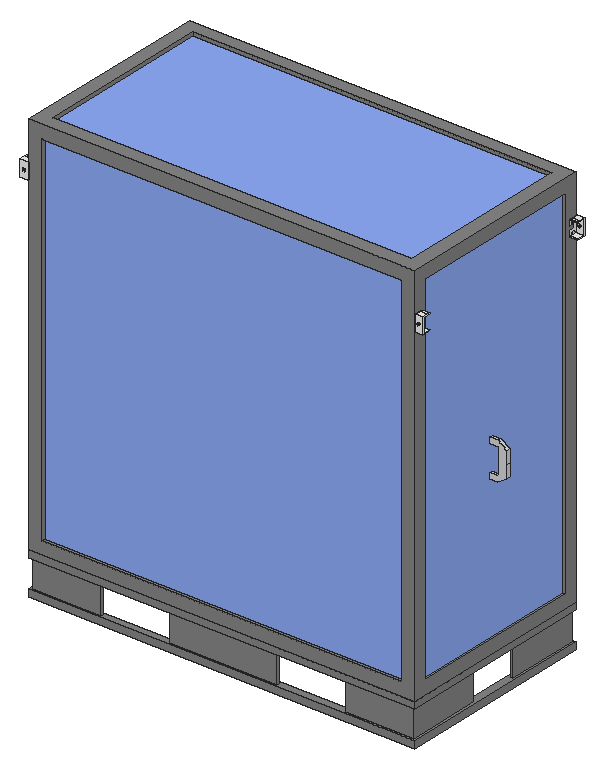
Revit family "17. Промежуточная секция ANR Z1", category Оборудование, Revit 2016
Family settings
  Тип детали = Нормальный
  Размер круглого соединителя = Использовать диаметр
  На основе рабочей плоскости = Нет
  Всегда вертикально = Да
  При загрузке вырезать с полостями = Нет
  Общий = Нет
  Точка расчета площади = Нет
Parameters (values of type "ANR 6 Z1")
  Ширина = А - 75 mm  # 1025 mm
  Синий = Синий
  Середина = h + Б1 / 2  # 670 mm
  Д1 = Д - 20 mm  # 555 mm
  Д = 575 mm  # constant formula
  ножки(да/нет) [instance] = no
  Высота = Б - 75 mm  # 1025 mm
  Б1 = Б - 20 mm  # 1080 mm
  А1 = А - 20 mm  # 1080 mm
  А = 1100 mm
  высота ножек = 120 mm
  Б = 1100 mm
  Частотный преобразователь [instance] = no
  Частота вращения n, об/мин = ""
  Тип, марка, обозначение = "ANR 6 Z1"
  Сила тока J, А = ""
  Регулятор расхода [instance] = no
  Раздел = "ОВ"
  Примечание = ""
  Позиция = ""
  Напряжение U,В = ""
  Наименование и тех.хар-ка = "Промежуточная секция"  # constant formula
  Мощность двигателя N,Вт = ""
  Материал = Сталь серая
  Масса единицы = ""
  Код, оборудования = ""
  Ключевая пометка = "Вентиляция"
  Задание электрикам [instance] = no
  Задание автоматчикам [instance] = no
  Завод изготовитель = "NED"  # constant formula
  Единица измерения = "шт."  # constant formula
  h = высота ножек + 10 mm  # 130 mm
Types (10, lengths in mm): name | Ширина | Середина | Высота | Б1 | А1 | А | Б | Тип, марка, обозначение
  ANR 6 Z1 | 1025 | 670 | 1025 | 1080 | 1080 | 1100 | 1100 | "ANR 6 Z1"
  ANR 7 Z1 | 1025 | 780 | 1245 | 1300 | 1080 | 1100 | 1320 | "ANR 7 Z1"
  ANR 8 Z1 | 1245 | 780 | 1245 | 1300 | 1300 | 1320 | 1320 | "ANR 8 Z1"
  ANR 12 Z1 | 1360 | 837.5 | 1360 | 1415 | 1415 | 1435 | 1435 | "ANR 12 Z1"
  ANR 20 Z1 | 1585 | 950 | 1585 | 1640 | 1640 | 1660 | 1660 | "ANR 20 Z1"
  ANR 25 Z1 | 1970 | 1142.5 | 1970 | 2025 | 2025 | 2045 | 2045 | "ANR 25 Z1"
  ANR 30 Z1 | 2410 | 1142.5 | 1970 | 2025 | 2465 | 2485 | 2045 | "ANR 30 Z1"
  ANR 35 Z1 | 2410 | 1362.5 | 2410 | 2465 | 2465 | 2485 | 2485 | "ANR 35 Z1"
  ANR 40 Z1 | 3245 | 1840 | 3365 | 3420 | 3300 | 3320 | 3440 | "ANR 40 Z1"
  ANR 45 Z1 | 3245 | 2225 | 4135 | 4190 | 3300 | 3320 | 4210 | "ANR 45 Z1"
Reference planes
  plane 1 "По центру (Вперед/Назад)": y = 0
  plane 2: z = 0
  plane 3 "По центру (Влево/Вправо)": x = 0
  plane 4: x = -540
  plane 5: x = 540
  plane 6: y = 277.5
  plane 7: y = -277.5
  plane 8: z = 1210
  plane 9: z = 130
  plane 10: y = -70.418
  plane 11: z = 670
  plane 12: z = 1110
  plane 13: x = 622.5
  plane 14: x = 590
  plane 15: x = 724
  plane 16: y = 70.418
Forms (mm)
  Extrusion 1, solid, material "Синий" <- "Синий", detail levels fine
    sketch origin (0, 0, 50) x (1, 0, 0) y (0, 1, 0)
      loop
        line (-540, 277.5) -> (-540, -277.5) -> (540, -277.5) -> (540, 277.5) -> (-540, 277.5)
    from 80 to 1160
  Sweep 2, solid, material "Сталь серая" <- "Материал", detail levels fine
    path origin (540, -277.5, 50) x (-1, 0, 0) y (0, 0, -1)
      loop
        line (0, -1160) -> (1080, -1160) -> (1080, -80) -> (0, -80) -> (0, -1160)
    profile "Профиль уголок 10х10 : Профиль уголок 10х10" origin (0, -277.5, 1210) x (0, 0, -1) y (0, -1, 0)
      loop
        line (0, -27.5) -> (0, 0) -> (27.5, 0) -> (27.5, 10) -> (-10, 10) -> (-10, -27.5) -> (0, -27.5)
  Sweep 3, solid, material "Сталь серая" <- "Материал", detail levels fine
    path origin (-540, 277.5, 50) x (1, 0, 0) y (0, 0, -1)
      loop
        line (0, -1160) -> (1080, -1160) -> (1080, -80) -> (0, -80) -> (0, -1160)
    profile "Профиль уголок 10х10 : Профиль уголок 10х10" origin (0, 277.5, 1210) x (0, 0, -1) y (0, 1, 0)
      loop
        line (0, -27.5) -> (0, 0) -> (27.5, 0) -> (27.5, 10) -> (-10, 10) -> (-10, -27.5) -> (0, -27.5)
  Sweep 4, solid, material "Сталь серая" <- "Материал", detail levels fine
    path origin (540, 277.5, 50) x (0, -1, 0) y (0, 0, -1)
      loop
        line (0, -1160) -> (555, -1160) -> (555, -80) -> (0, -80) -> (0, -1160)
    profile "Профиль уголок 10х10 : Профиль уголок 10х10" origin (540, 0, 1210) x (0, 0, -1) y (1, 0, 0)
      loop
        line (0, -27.5) -> (0, 0) -> (27.5, 0) -> (27.5, 10) -> (-10, 10) -> (-10, -27.5) -> (0, -27.5)
  Sweep 5, solid, material "Сталь серая" <- "Материал", detail levels fine
    path origin (-540, -277.5, 50) x (0, 1, 0) y (0, 0, -1)
      loop
        line (0, -1160) -> (555, -1160) -> (555, -80) -> (0, -80) -> (0, -1160)
    profile "Профиль уголок 10х10 : Профиль уголок 10х10" origin (-540, 0, 1210) x (0, 0, -1) y (-1, 0, 0)
      loop
        line (0, -27.5) -> (0, 0) -> (27.5, 0) -> (27.5, 10) -> (-10, 10) -> (-10, -27.5) -> (0, -27.5)
  Extrusion 6, void, not visible
    sketch origin (-345, -245, 50) x (0, -1, 0) y (0, 0, -1)
      loop
        line (-477.965, -475) -> (-477.965, -450) -> (-528.913, -450) -> (-528.913, -475) -> (-477.965, -475)
    from -47.452 to 12
  Sweep 7, solid, material "Сталь серая" <- "Материал", detail levels fine
    path origin (0, 0, 0) x (1, 0, 0) y (0, 1, 0)
      loop
        line (-540, 277.5) -> (-540, -277.5) -> (540, -277.5) -> (540, 277.5) -> (-540, 277.5)
    profile "Семейство1 : Семейство1" origin (0, 277.5, 0) x (0, 1, 0) y (0, 0, 1)
      loop
        line (-10, 120) -> (-10, 100) -> (-3.38, 100) -> (-3.38, 20) -> (-10, 20) -> (-10, 0) -> (10, 0) -> (10, 20) -> (3.38, 20) -> (3.38, 100) -> (10, 100) -> (10, 120) -> (-10, 120)
  Extrusion 8, void
    sketch origin (0, 0, 0) x (1, 0, 0) y (0, 0, 1)
      loop
        line (152.369, 100) -> (152.369, 20) -> (348.798, 20) -> (348.798, 100) -> (152.369, 100)
      loop
        line (-152.369, 100) -> (-348.798, 100) -> (-348.798, 20) -> (-152.369, 20) -> (-152.369, 100)
    from -287.5 to 287.5
  Extrusion 9, void
    sketch origin (0, 0, 0) x (0, 1, 0) y (0, 0, 1)
      loop
        line (-70.418, 100) -> (-70.418, 20) -> (70.418, 20) -> (70.418, 100) -> (-70.418, 100)
    from -550 to 1700
Cuts and joins
  joined: Sweep 2, Sweep 3, Sweep 4, Sweep 5
  Extrusion 8, Extrusion 9 cuts Sweep 7
Lines and regions (mm)
  model lines, detail levels coarse
    curve 1: line (-550, 287.5, 0) -> (550, 287.5, 0)
    curve 2: line (-550, -287.5, 0) -> (-550, 287.5, 0)
    curve 3: line (550, -287.5, 0) -> (-550, -287.5, 0)
    curve 4: line (550, 287.5, 0) -> (550, -287.5, 0)
  model lines, detail levels medium
    curve 5: line (0, 287.5, 1220) -> (0, -287.5, 1220)
    curve 6: line (0, 287.5, 130) -> (0, 287.5, 1220)
    curve 7: line (0, -287.5, 130) -> (0, 287.5, 130)
    curve 8: line (0, -287.5, 1220) -> (0, -287.5, 130)
Dimensions and locks
  equal spacing: plane 6, plane 1 "По центру (Вперед/Назад)", plane 7
  "Д1": plane 6 to plane 7
  equal spacing: plane 4, plane 3 "По центру (Влево/Вправо)", plane 5
  "А1": plane 4 to plane 5
  "h": plane 9 to level
  "Б1": plane 8 to plane 9
  cut or joined group of Sweep 2, Sweep 3, Sweep 4, Sweep 5 to level = 120 mm
  locked: plane 3 "По центру (Влево/Вправо)" to cut or joined group of Sweep 7, Extrusion 8, Extrusion 9 at 152.369
  locked: cut or joined group of Sweep 7, Extrusion 8, Extrusion 9 to plane 3 "По центру (Влево/Вправо)" at 152.369
  "Середина": plane 11 to level
  locked: plane 8 to plane 12 at 100
  locked: plane 14 to plane 5 at 50
  plane 1 "По центру (Вперед/Назад)" to plane 7 = 277.5 mm
  plane 6 to plane 1 "По центру (Вперед/Назад)" = 277.5 mm
  locked: plane 15 to plane 5 at 184
  equal spacing: plane 10, plane 1 "По центру (Вперед/Назад)", plane 16, locked at 70.418 each
  aligned and locked: level to plane 2
  aligned and locked: plane 6 to Extrusion 1
  aligned and locked: plane 5 to Extrusion 1
  aligned and locked: Extrusion 1 to plane 7
  aligned and locked: Extrusion 1 to plane 4
  aligned and locked: plane 8 to Extrusion 1
  aligned and locked: Extrusion 1 to plane 9
  aligned and locked: Sweep 4 sketch curve to Extrusion 1  (x2)
  aligned and locked: Sweep 5 sketch curve to Extrusion 1  (x2)
  aligned and locked: Sweep 7 sketch curve to Extrusion 1  (x4)
  aligned and locked: Sweep 7 to Extrusion 8  (x2)
  aligned and locked: cut or joined group of Sweep 2, Sweep 3, Sweep 4, Sweep 5 to Extrusion 9
  aligned and locked: nested 3 to cut or joined group of Sweep 2, Sweep 3, Sweep 4, Sweep 5  (x2)
  aligned and locked: plane 12 to nested 3
  aligned and locked: nested 4 to plane 12
  aligned and locked: cut or joined group of Sweep 2, Sweep 3, Sweep 4, Sweep 5 to nested 4  (x2)
  aligned and locked: cut or joined group of Sweep 2, Sweep 3, Sweep 4, Sweep 5 to nested 3
  aligned and locked: cut or joined group of Sweep 2, Sweep 3, Sweep 4, Sweep 5 to nested 6
  aligned and locked: nested 5 to cut or joined group of Sweep 2, Sweep 3, Sweep 4, Sweep 5
  aligned and locked: plane 12 to nested 6
  aligned and locked: nested 5 to plane 12
  aligned and locked: nested 2 to plane 14
  aligned and locked: nested 6 to cut or joined group of Sweep 2, Sweep 3, Sweep 4, Sweep 5
  aligned and locked: cut or joined group of Sweep 2, Sweep 3, Sweep 4, Sweep 5 to nested 5
  aligned and locked: plane 1 "По центру (Вперед/Назад)" to nested 2
  aligned and locked: plane 10 to Extrusion 9 sketch curve
  aligned and locked: plane 16 to Extrusion 9 sketch curve
  aligned and locked: nested 2 to plane 11
  aligned and locked: curve 1 to cut or joined group of Sweep 2, Sweep 3, Sweep 4, Sweep 5
  aligned and locked: curve 2 to cut or joined group of Sweep 2, Sweep 3, Sweep 4, Sweep 5
  aligned and locked: curve 3 to cut or joined group of Sweep 7, Extrusion 8, Extrusion 9
  aligned and locked: curve 4 to cut or joined group of Sweep 2, Sweep 3, Sweep 4, Sweep 5
  aligned and locked: curve 5 to cut or joined group of Sweep 2, Sweep 3, Sweep 4, Sweep 5
  aligned and locked: cut or joined group of Sweep 2, Sweep 3, Sweep 4, Sweep 5 to curve 6
  aligned and locked: curve 7 to plane 9
  aligned and locked: curve 8 to cut or joined group of Sweep 2, Sweep 3, Sweep 4, Sweep 5
Automatic sketch dimensions
  Extrusion 6 sketch curve to Extrusion 6 sketch curve = 50.949 mm
  Extrusion 6 sketch curve to Extrusion 6 sketch curve = 25 mm
  Extrusion 1 sketch curve to plane 4 = 0 mm
  Extrusion 1 sketch curve to plane 5 = 0 mm
  Extrusion 1 sketch curve to plane 7 = 0 mm
  Extrusion 1 sketch curve to plane 6 = 0 mm
  Sweep 2 sketch curve to Extrusion 1 = 0 mm  (x4)
  Sweep 3 sketch curve to Extrusion 1 = 0 mm  (x3)
  Extrusion 1 to Sweep 3 sketch curve = 0 mm
  Sweep 4 sketch curve to Extrusion 1 = 0 mm  (x2)
  Sweep 5 sketch curve to Extrusion 1 = 0 mm  (x2)
  Extrusion 8 sketch curve to plane 9 = 30 mm  (x2)
  plane 4 to Extrusion 8 sketch curve = 191.202 mm
  level to Extrusion 8 sketch curve = 20 mm  (x2)
  Extrusion 8 sketch curve to plane 3 "По центру (Влево/Вправо)" = 152.369 mm
  plane 3 "По центру (Влево/Вправо)" to Extrusion 8 sketch curve = 152.369 mm
  Extrusion 8 sketch curve to plane 5 = 191.202 mm
  level to Extrusion 9 sketch curve = 20 mm
  Extrusion 9 sketch curve to plane 9 = 30 mm
Nested families
  nested 1: "крепление 15мм" at (-330, 229.965, 495), type "крепление 15мм", not visible
  nested 2: "Ручка" at (552.018, -10, 621.108), type "Ручка", detail levels fine
  nested 3: "крепеж" at (574.5, -287.5, 1065.175) x (-1, 0, 0) z (0, 0, 1), type "крепеж", detail levels fine
  nested 4: "крепеж" at (574.5, 287.5, 1065.175) x (-1, 0, 0) z (0, 0, 1), type "крепеж", detail levels fine
  nested 5: "крепеж" at (-574.5, -287.5, 1065.175), type "крепеж", detail levels fine
  nested 6: "крепеж" at (-574.5, 287.5, 1065.175), type "крепеж", detail levels fine
Connectors
  hvac at (0, -287.5, 670), driven by "Высота", driven by "Ширина"
    settings: on cut or joined group of Sweep 2, Sweep 3, Sweep 4, Sweep 5, index 1, duct flow 0.0 L/s, flow factor 0, pres drop 0.0 Pa, loss coef 0, conn angle 0.00°, conn width 1025 mm, conn height 1025 mm, conn diameter 609.6 mm, duct sys type 28, conn prof type 1, flow config 0, flow direction 0, loss method 0, conn ref index -1, conn util no, is conn primary yes, conn desc ""
  hvac at (0, 287.5, 670), driven by "Высота", driven by "Ширина"
    settings: on cut or joined group of Sweep 2, Sweep 3, Sweep 4, Sweep 5, index 2, duct flow 0.0 L/s, flow factor 0, pres drop 0.0 Pa, loss coef 0, conn angle 0.00°, conn width 1025 mm, conn height 1025 mm, conn diameter 609.6 mm, duct sys type 28, conn prof type 1, flow config 0, flow direction 0, loss method 0, conn ref index -1, conn util no, is conn primary no, conn desc ""
Definition of nested family "крепление 15мм"
  Parameters (values of type "крепление 15мм")
    Материал крепления = none
  Reference planes
    plane 1 "По центру (Вперед/Назад)": y = 0
    plane 2: z = 0
    plane 3 "По центру (Влево/Вправо)": x = 0
  Forms (mm)
    Extrusion 1, solid, material <- "Материал крепления"
      sketch origin (0, 0, 0) x (1, 0, 0) y (0, 1, 0)
        loop
          line (-25, 0) -> (0, 0) -> (0, 18.31) -> (0, 25) -> (-3, 25) -> (-3, 3) -> (-25, 3) -> (-25, 0)
      from 0 to 30
    Extrusion 2, void
      sketch origin (0, 0, 0) x (1, 0, 0) y (0, 1, 0)
        loop
          line (-3, 3) -> (-3, 54.96) -> (-58, 54.96) -> (-58, 3) -> (-3, 3)
      from 0 to 15
  Cuts and joins
    Extrusion 2 cuts Extrusion 1
  Dimensions and locks
    Extrusion 1 sketch curve to Extrusion 1 sketch curve = 3 mm  (x2)
    Extrusion 1 sketch curve to Extrusion 1 sketch curve to plane 3 "По центру (Влево/Вправо)" = 25 mm, 0 mm
    Extrusion 1 sketch curve to Extrusion 1 sketch curve = 25 mm
    aligned and locked: level to plane 2
Definition of nested family "Ручка"
  Parameters (values of type "Ручка")
    материал ручки = none
  Reference planes
    plane 1 "По центру (Вперед/Назад)": y = 0
    plane 2: z = 0
    plane 3 "По центру (Влево/Вправо)": x = 0
    plane 4: x = -37.982
    plane 5: x = 37.982
  Forms (mm)
    Extrusion 1, solid, material <- "материал ручки", not visible
      sketch origin (-3.982, 0, -4.834) x (0, 0, 1) y (-1, 0, 0)
        loop
          line (-52.874, -42.815) -> (53.726, -42.815) -> (53.726, 8.783) -> (36.069, 34) -> (1.069, 34) -> (-36.069, 34) -> (-52.874, 10) -> (-52.874, -42.815)
      from 0 to 10
    Extrusion 2, void, not visible
      sketch origin (-3.982, 0, -4.834) x (0, 0, 1) y (-1, 0, 0)
        loop
          line (-37.219, -42.815) -> (37.781, -42.815) -> (37.781, 20.04) -> (-37.219, 20.04) -> (-37.219, -42.815)
      from 0 to 50
    Extrusion 3, solid, material <- "материал ручки"
      sketch origin (3.982, 0, -4.834) x (0, 0, 1) y (-1, 0, 0)
        loop
          line (-52.874, 42.815) -> (-52.874, -10) -> (-36.069, -34) -> (1.069, -34) -> (36.069, -34) -> (53.726, -8.783) -> (53.726, 42.815) -> (-52.874, 42.815)
      from 0 to 10
    Extrusion 4, void
      sketch origin (3.982, 0, -4.834) x (0, 0, 1) y (-1, 0, 0)
        loop
          line (-37.219, 42.815) -> (-37.219, -11.018) -> (37.781, -11.018) -> (37.781, 42.815) -> (-37.219, 42.815)
      from 0 to 50
  Cuts and joins
    Extrusion 4 cuts Extrusion 3
  Dimensions and locks
    aligned and locked: level to plane 2
Definition of nested family "крепеж"
  Parameters (values of type "крепеж")
    Материал крепежа = none
  Reference planes
    plane 1 "По центру (Вперед/Назад)": y = 0
    plane 2: z = 0
    plane 3 "По центру (Влево/Вправо)": x = 0
    plane 4: x = 24.5
    plane 5: z = 22.413
  Forms (mm)
    Extrusion 1, solid, material <- "Материал крепежа"
      sketch origin (0, 0, 0) x (0, 1, 0) y (0, 0, 1)
        loop
          line (0, 44.825) -> (-16.343, 44.825) -> (-24.468, 44.825) -> (-24.468, 42.95) -> (-1.968, 42.95) -> (-1.968, 1.657) -> (-24.468, 1.657) -> (-24.468, 0) -> (-16.343, 0) -> (0, 0) -> (0, 44.825)
      from 0 to 24.5
    Extrusion 2, void
      sketch origin (0.625, 0, -0.625) x (1, 0, 0) y (0, 0, 1)
        loop
          circle (11.121, 22.873) r 5
      from 0 to 250
    Extrusion 3, solid, material <- "Материал крепежа"
      sketch origin (0, 0, 0.175) x (1, 0, 0) y (0, 0, 1)
        loop
          line (24.5, 44.651) -> (22.651, 44.651) -> (22.651, -0.175) -> (24.5, -0.175) -> (24.5, 44.651)
      from 0 to 24.468
    Extrusion 4, void
      sketch origin (0, 0, 0) x (0, 1, 0) y (0, 0, 1)
        loop
          line (-24.468, 28.943) -> (-24.468, 15.882) -> (-9.468, 15.882) -> (-9.468, 28.943) -> (-24.468, 28.943)
      from 0 to 250
    Blend 5, solid
      base sketch origin (0, 0, 0) x (0, 1, 0) y (0, 0, 1)
        loop
          circle (-15.104, 36.823) r 4.161
      top sketch origin (0, 0, 0) x (0, 1, 0) y (0, 0, 1)
        loop
          circle (-15.104, 36.823) r 2.994
      from 22.651 to 19.241
    Blend 6, solid
      base sketch origin (0, 0, 44.825) x (0, 1, 0) y (0, 0, 1)
        loop
          circle (-15.104, -36.823) r 4.161
      top sketch origin (0, 0, 44.825) x (0, 1, 0) y (0, 0, 1)
        loop
          circle (-15.104, -36.823) r 2.994
      from 22.651 to 19.241
  Cuts and joins
    Extrusion 2, Extrusion 4 cuts Extrusion 1
    Extrusion 4 cuts Extrusion 3
    joined: Extrusion 1, Extrusion 3
  Dimensions and locks
    plane 3 "По центру (Влево/Вправо)" to plane 4 = 24.5 mm
    equal spacing: cut or joined group of Extrusion 1, Extrusion 2, Extrusion 3, Extrusion 4, plane 5, cut or joined group of Extrusion 1, Extrusion 2, Extrusion 3, Extrusion 4
    equal spacing: Extrusion 4 sketch curve, plane 5, Extrusion 4 sketch curve
    aligned and locked: level to plane 2
    aligned and locked: plane 4 to Extrusion 1
    aligned and locked: cut or joined group of Extrusion 1, Extrusion 2, Extrusion 3, Extrusion 4 to cut or joined group of Extrusion 1, Extrusion 2, Extrusion 3, Extrusion 4  (x3)
    aligned and locked: cut or joined group of Extrusion 1, Extrusion 2, Extrusion 3, Extrusion 4 to Blend 5
  Automatic sketch dimensions
    Extrusion 1 sketch curve to level = 0 mm
    Extrusion 1 sketch curve to plane 1 "По центру (Вперед/Назад)" = 0 mm
    plane 1 "По центру (Вперед/Назад)" to Extrusion 1 sketch curve = 1.968 mm
    Extrusion 1 sketch curve to Extrusion 1 sketch curve = 14.375 mm  (x2)
    level to Extrusion 1 sketch curve = 1.657 mm
    Extrusion 1 sketch curve to Extrusion 1 sketch curve = 8.125 mm  (x2)
    plane 5 to Extrusion 1 sketch curve = 20.538 mm
    Extrusion 1 sketch curve to Extrusion 1 sketch curve = 1.875 mm
    Extrusion 2 sketch curve to plane 5 = 0.165 mm
    plane 3 "По центру (Влево/Вправо)" to Extrusion 2 sketch curve = 11.746 mm
    Extrusion 3 sketch curve to level = 0 mm
    Extrusion 3 sketch curve to plane 4 = 0 mm
    Extrusion 3 sketch curve to Extrusion 3 sketch curve = 1.849 mm
    plane 5 to Extrusion 3 sketch curve = 22.413 mm
    Extrusion 4 sketch curve to plane 5 = 6.531 mm
    plane 1 "По центру (Вперед/Назад)" to Extrusion 4 sketch curve = 24.468 mm
    plane 1 "По центру (Вперед/Назад)" to Extrusion 4 sketch curve = 9.468 mm
    plane 1 "По центру (Вперед/Назад)" to Blend 5 sketch curve = 15.104 mm  (x2)
    plane 5 to Blend 5 sketch curve = 14.41 mm  (x2)
    Blend 6 sketch curve to plane 1 "По центру (Вперед/Назад)" = 15.104 mm  (x2)
    Blend 6 sketch curve to level = 8.002 mm  (x2)
    radius of Extrusion 2 sketch curve = 5 mm
    radius of Blend 5 sketch curve = 4.161 mm
    radius of Blend 5 sketch curve = 2.994 mm
    radius of Blend 6 sketch curve = 4.161 mm
    radius of Blend 6 sketch curve = 2.994 mm
